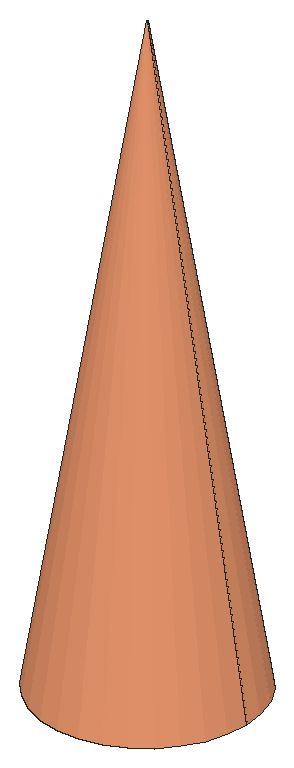
Revit family "Fall Mark", category Generic Models, Revit 2022
Family settings
  Can host rebar = No
  Round Connector Dimension = Use Diameter
  Part Type = Normal
  Work Plane-Based = No
  Always vertical = Yes
  Cut with Voids When Loaded = No
  Maintain Annotation Orientation = No
  Shared = No
  Room Calculation Point = No
Parameters
  Width [instance] = 200 mm
  Lenght Side Triangle [instance] = sqrt(Lenght ^ 2 + (Width / 2) ^ 2)  # 608.276 mm
  Lenght [instance] = 600 mm
  Lenght Base Triangle [instance] = Width  # 200 mm
  Height [instance] = 600 mm
  Default Elevation = 0 mm
Reference planes
  plane 1 "Center (Front/Back)": y = 0
  plane 2: z = 0
  plane 3 "Center (Left/Right)": x = 0
Forms (mm)
  Revolve 1, solid, material "Mark Material"
    sketch origin (0, 0, 0) x (1, 0, 0) y (0, 0, 1)
      loop
        line (0, 600) -> (-100, 0) -> (0, 0) -> (0, 600)
      axis (0, 600) -> (0, 0)
    angle from 0 to 360
Lines and regions (mm)
  reference lines
    curve 1: line (-247.176, 600, 0) -> (210, 600, 0)
    curve 2: line (-100, 695.407, 0) -> (-100, -106.482, 0)
    curve 3: line (100, 695.407, 0) -> (100, -106.482, 0)
    curve 4: line (-354.461, 0, 600) -> (300.539, 0, 600)
Dimensions and locks
  equal spacing: curve 2, plane 3 "Center (Left/Right)", curve 3
  "Lenght": plane 1 "Center (Front/Back)" to curve 1
  "Width": curve 2 to curve 3
  "Height": curve 4 to level
  aligned and locked: level to plane 2
Automatic sketch dimensions
  curve 4 to plane 3 "Center (Left/Right)" = 354.461 mm
  plane 3 "Center (Left/Right)" to curve 4 = 300.539 mm
  curve 1 to curve 2 = 147.176 mm
  curve 3 to curve 1 = 110 mm
  plane 1 "Center (Front/Back)" to curve 2 = 106.482 mm
  plane 1 "Center (Front/Back)" to curve 3 = 106.482 mm
  curve 1 to curve 3 = 95.407 mm
  curve 1 to curve 2 = 95.407 mm
  Revolve 1 sketch curve to level = 0 mm
  Revolve 1 sketch curve to plane 3 "Center (Left/Right)" = 0 mm  (x2)
  Revolve 1 sketch curve to plane 3 "Center (Left/Right)" = 100 mm
  level to Revolve 1 sketch curve = 600 mm
  Revolve 1 sketch curve to level = 366.045 mm
  Revolve 1 sketch curve to Revolve 1 sketch curve = 1614.315 mm
Nested families
  nested 1: "Triangle Mark" at (0, -240, 0), type "Triangle Mark"
    with width 200 mm, Length 600 mm
Definition of nested family "Triangle Mark"
  Parameters (values of type "Triangle Mark")
    width [instance] = 200 mm
    Length [instance] = 600 mm
  Reference planes
    plane 1 "Center (Front/Back)": y = 0
    plane 2: z = 0
    plane 3 "Center (Left/Right)": x = 0
  Lines and regions (mm)
    Filled region 1, type "Brick", in view "Ref. Level"
      outline origin (0, 0, 0) x (1, 0, 0) y (0, 1, 0)
        loop
          line (-100, 0) -> (100, 0) -> (0, 600) -> (-100, 0)
    reference lines, in view "Ref. Level"
      curve 1: line (-100, 600, 0) -> (100, 600, 0)
      curve 2: line (100, 600, 0) -> (100, 0, 0)
      curve 3: line (100, 0, 0) -> (-100, 0, 0)
      curve 4: line (-100, 0, 0) -> (-100, 600, 0)
  Dimensions and locks
    equal spacing: curve 4, plane 3 "Center (Left/Right)", curve 2
    "width": curve 4 to curve 2
    "Length": curve 3 to curve 1
  Automatic sketch dimensions
    plane 1 "Center (Front/Back)" to Filled region 1 sketch curve = 0 mm
    Filled region 1 sketch curve to plane 3 "Center (Left/Right)" = 0 mm
    Filled region 1 sketch curve to plane 1 "Center (Front/Back)" = 600 mm
    Filled region 1 sketch curve to plane 3 "Center (Left/Right)" = 100 mm
    plane 3 "Center (Left/Right)" to Filled region 1 sketch curve = 100 mm
    plane 1 "Center (Front/Back)" to curve 3 = 0 mm
